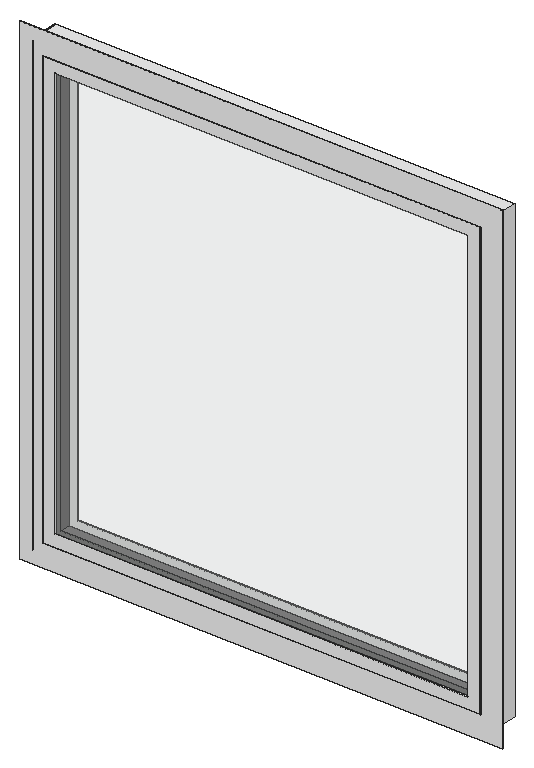
Revit family "Casement_36_F_Top_Hung_Standard", category Windows, host Wall, Revit 2014
Parameters (values of type "Casement_Sash_DG")
  Width Sash [instance] = 30 mm
  Width Sash Inner = 15 mm
  Width Bead = 15 mm
  Top Hung [instance] = yes
  Side Hung Right [instance] = yes
  Side Hung Left [instance] = yes
  Sash Opening Width [instance] = 600 mm
  Sash Opening Height [instance] = 600.312 mm
  Sash Lip = 15 mm
  Glazing Material [instance] = Glass
  DG Start Piece 2 [instance] = DG End Piece 1 + DG Gasket Thickness  # 25 mm
  DG Start Peice 1 [instance] = (Depth Sash - (2 * DG Glazing Thickness) - DG Gasket Thickness) / 2  # 6.6 mm
  Glazing Offset = 5 mm
  DG Glazing Thickness [instance] = 6.4 mm
  DG Gasket Thickness = 12 mm  # constant formula
  DG Gasket Material [instance] = Double Glazing Gasket Material
  DG End Piece 2 [instance] = DG Start Piece 2 + DG Glazing Thickness  # 31.4 mm
  DG End Piece 1 [instance] = DG Start Peice 1 + DG Glazing Thickness  # 13 mm
  Depth Sash [instance] = 38 mm
  Center Vertical Sash [instance] = Sash Opening Height / 2  # 300.156 mm
  Center Horizontal Sash [instance] = Sash Opening Width / 2  # 300 mm
  Bottom Hung [instance] = yes
  Bead Offset = 15 mm
  Aluminium Thickness = 1 mm
  Aluminium Material [instance] = White Powder Coated Aluminium
Reference planes
  plane 1 "Center (Front/Back)": y = 0
  plane 2: z = 0
  plane 3 "Center (Left/Right)": x = 0
Forms (mm)
  Sweep 1, solid, material "White Powder Coated Aluminium" <- "Aluminium Material"
    path origin (16.177, 0, 121.331) x (1, 0, 0) y (0, 0, 1)
      loop
        line (0, 0) -> (600, 0) -> (600, 600.312) -> (0, 600.312) -> (0, 0)
    profile origin (316.177, 0, 121.331) x (0, 0, 1) y (0, -1, 0)
      loop
        line (0, 0) -> (30, 0) -> (30, 1) -> (15, 1) -> (15, 38) -> (-15, 38) -> (-15, 37) -> (0, 37) -> (0, 0)
      loop
        line (14, 1) -> (14, 37) -> (1, 37) -> (1, 1) -> (14, 1)
  Sweep 2, solid, material "White Powder Coated Aluminium" <- "Aluminium Material"
    path origin (0, 0, 0) x (1, 0, 0) y (0, 0, 1)
      loop
        line (31.177, 706.643) -> (31.177, 136.331) -> (601.177, 136.331) -> (601.177, 706.643) -> (31.177, 706.643)
    profile origin (316.177, 0, 706.643) x (0, 0, 1) y (0, -1, 0)
      loop
        line (0, 37) -> (0, 38) -> (-15, 38) -> (-15, 37) -> (0, 37)
  Extrusion 3, solid, material "Glass" <- "Glazing Material"
    sketch origin (0, 0, 0) x (1, 0, 0) y (0, 0, 1)
      loop
        line (36.177, 701.643) -> (36.177, 141.331) -> (596.177, 141.331) -> (596.177, 701.643) -> (36.177, 701.643)
    from 6.6 <- "DG Start Peice 1" to 13 <- "DG End Piece 1"
  Extrusion 4, solid, material "Glass" <- "Glazing Material"
    sketch origin (0, 0, 0) x (1, 0, 0) y (0, 0, 1)
      loop
        line (36.177, 701.643) -> (36.177, 141.331) -> (596.177, 141.331) -> (596.177, 701.643) -> (36.177, 701.643)
    from 31.4 <- "DG End Piece 2" to 25 <- "DG Start Piece 2"
  Sweep 5, solid, material "Double Glazing Gasket Material" <- "DG Gasket Material"
    path origin (0, -13, 0) x (1, 0, 0) y (0, 0, 1)
      loop
        line (36.177, 701.643) -> (36.177, 141.331) -> (596.177, 141.331) -> (596.177, 701.643) -> (36.177, 701.643)
    profile origin (316.177, -13, 701.643) x (0, 0, 1) y (0, -1, 0)
      loop
        line (0, 0) -> (0, 12) -> (-7.96, 12) -> (-7.96, 0) -> (0, 0)
Lines and regions (mm)
  model lines
    curve 1: line (1.177, -38, 736.643) -> (31.177, -38, 706.643)
    curve 2: line (601.177, -38, 706.643) -> (631.177, -38, 736.643)
    curve 3: line (601.177, -38, 136.331) -> (631.177, -38, 106.331)
    curve 4: line (1.177, -38, 106.331) -> (31.177, -38, 136.331)
    curve 5: line (631.177, -37, 736.643) -> (616.177, -37, 721.643)
    curve 6: line (1.177, -37, 736.643) -> (16.177, -37, 721.643)
    curve 7: line (1.177, -37, 106.331) -> (16.177, -37, 121.331)
    curve 8: line (631.177, -37, 106.331) -> (616.177, -37, 121.331)
    curve 9: line (616.177, 0, 121.331) -> (586.177, 0, 151.331)
    curve 10: line (46.177, 0, 151.331) -> (16.177, 0, 121.331)
    curve 11: line (616.177, 0, 721.643) -> (586.177, 0, 691.643)
    curve 12: line (46.177, 0, 691.643) -> (16.177, 0, 721.643)
    curve 13: line (31.177, -38, 691.643) -> (46.177, -38, 691.643)
    curve 14: line (586.177, -38, 691.643) -> (601.177, -38, 691.643)
    curve 15: line (586.177, -38, 151.331) -> (601.177, -38, 151.331)
    curve 16: line (31.177, -38, 151.331) -> (46.177, -38, 151.331)
  model lines, style "GenericModelHiddenLines", visible <- "Top Hung"
    curve 17: line (46.386, -31.4, 690.914) -> (316.177, -31.4, 151.331)
    curve 18: line (316.177, -31.4, 151.331) -> (586.177, -31.4, 691.331)
  model lines, style "GenericModelHiddenLines", visible <- "Bottom Hung"
    curve 19: line (46.177, -31.4, 151.331) -> (316.177, -31.4, 691.331)
    curve 20: line (316.177, -31.4, 691.331) -> (586.177, -31.4, 151.331)
  model lines, style "GenericModelHiddenLines", visible <- "Side Hung Left"
    curve 21: line (46.386, -31.4, 690.914) -> (585.24, -31.4, 421.487)
    curve 22: line (585.24, -31.4, 421.487) -> (46.177, -31.4, 151.331)
  model lines, style "GenericModelHiddenLines", visible <- "Side Hung Right"
    curve 23: line (586.177, -31.4, 691.331) -> (46.177, -31.4, 421.487)
    curve 24: line (46.177, -31.4, 421.487) -> (586.177, -31.4, 151.331)
Dimensions and locks
  "Aluminium Thickness": Sweep 1 sketch curve to Sweep 1 sketch curve  (x4)
  "Depth Sash": Sweep 1 sketch curve to Sweep 1 sketch curve
  "Sash Opening Width": Sweep 1 to Sweep 1
  "Sash Opening Height": Sweep 1 to Sweep 1
  "Width Sash": Sweep 1 sketch curve to Sweep 1 sketch curve  (x2)
  "Width Sash Inner": Sweep 1 sketch curve to Sweep 1 sketch curve
  "Sash Lip": Sweep 1 sketch curve to Sweep 1 sketch curve
  "Aluminium Thickness": Sweep 1 to Sweep 2 sketch curve
  "Glazing Offset": Sweep 2 to Extrusion 3 sketch curve  (x3)
  "Glazing Offset": Extrusion 3 sketch curve to Sweep 2
  Sweep 1 to Sweep 1 = 1 mm
  "Aluminium Thickness": Sweep 2 sketch curve to Sweep 2 sketch curve
  "Width Bead": Sweep 2 sketch curve to Sweep 2 sketch curve
  locked: Sweep 5 sketch curve to Sweep 5 sketch curve at 7.96
  "Center Horizontal Sash": Sweep 1 to curve 18
  "Center Horizontal Sash": Sweep 1 to curve 20
  "Center Vertical Sash": Sweep 1 to curve 22
  "Center Vertical Sash": Sweep 1 to curve 24
  aligned and locked: level to plane 2
  aligned and locked: Sweep 1 sketch curve to Sweep 1 sketch curve  (x2)
  aligned and locked: Sweep 2 sketch curve to Sweep 1  (x5)
  aligned and locked: Extrusion 4 sketch curve to Extrusion 3  (x4)
  aligned and locked: Sweep 5 sketch curve to Extrusion 3  (x5)
  aligned and locked: Extrusion 3 to Sweep 5 sketch curve
Automatic sketch dimensions
  plane 3 "Center (Left/Right)" to Sweep 1 sketch curve = 16.177 mm
  level to Sweep 1 sketch curve = 121.331 mm
  plane 3 "Center (Left/Right)" to Sweep 1 sketch curve = 616.177 mm
  level to Sweep 1 sketch curve = 721.643 mm
  profile plane to Sweep 5 sketch curve = 12 mm
  curve 7 to Sweep 1 = 0 mm  (x4)
  curve 6 to Sweep 1 = 0 mm  (x3)
  Sweep 1 to curve 6 = 0 mm
  curve 5 to Sweep 1 = 0 mm  (x3)
  curve 8 to Sweep 1 = 0 mm  (x4)
  Sweep 1 to curve 5 = 0 mm
  curve 16 to Sweep 2 = 0 mm  (x3)
  curve 13 to Sweep 2 = 0 mm  (x3)
  curve 15 to Sweep 2 = 0 mm
  Sweep 2 to curve 15 = 0 mm  (x2)
  curve 14 to Sweep 2 = 0 mm  (x2)
  Sweep 2 to curve 14 = 0 mm
  curve 1 to Sweep 1 = 0 mm  (x4)
  curve 4 to Sweep 1 = 0 mm  (x3)
  Sweep 1 to curve 4 = 0 mm
  curve 3 to Sweep 1 = 0 mm  (x3)
  curve 2 to Sweep 1 = 0 mm  (x4)
  Sweep 1 to curve 3 = 0 mm
  curve 10 to Sweep 1 = 0 mm  (x4)
  curve 12 to Sweep 1 = 0 mm  (x3)
  Sweep 1 to curve 12 = 0 mm
  curve 9 to Sweep 1 = 0 mm  (x4)
  curve 11 to Sweep 1 = 0 mm  (x3)
  Sweep 1 to curve 11 = 0 mm
  Sweep 1 sketch curve to plane 1 "Center (Front/Back)" = 0 mm
  profile plane to Sweep 1 sketch curve = 0 mm
  curve 21 to Extrusion 4 = 10.208 mm
  curve 19 to Extrusion 4 = 10 mm
  curve 23 to Extrusion 4 = 10 mm  (x2)
  curve 22 to Extrusion 4 = 10.937 mm
  curve 20 to Extrusion 4 = 10 mm
  curve 24 to Extrusion 4 = 10 mm
  curve 22 to Extrusion 4 = 10 mm
  curve 18 to Extrusion 4 = 10 mm
  curve 21 to Extrusion 4 = 10.729 mm
  curve 19 to Extrusion 4 = 10.312 mm
  curve 18 to Extrusion 4 = 10.312 mm
Types in the file's own list only (6): name | Windload Design | Width Sash Right Opening | Width Sash Left Opening | Width Sash Right | Width Sash Left | Width Profile | Width Fixed Panel Right | Width Fixed Panel Left | Width Fixed Panel Center | Width | URL | Offset Window Exterior | Max System DG Unit Thickness | Max System DG One Piece Thickness | Max Pane Area | Intruderprufe U Value | Intruderprufe SHGC Value | Intruderprufe LowE U Value | Intruderprufe LowE SHGC Value | Intruderprufe Insulated U Value | Intruderprufe Insulated SHGC Value | Intruderprufe Insulated LowE U Value | Intruderprufe Insulated LowE SHGC Value | Height Fixed Panel Right | Height Fixed Panel Left | Height | Energy Advantage U Value | Energy Advantage SHGC Value | DG Thickness Calc | Custom Window Width | Custom Window Height | Window Exterior Offset | Custom Windload | Custom Sash Right Width | Custom Sash Right Height | Custom Sash Left Width | Custom Sash Left Height | Sash Spacing Inner | Sash Overlap | Sash Center Offset | SG Gasket Thickness | Offset Sash Side | Offset Sash Top | Offset Mullion Right | Offset Fixed Panel Center Left | Offset Mullion Left | Offset Transom Right Top | Offset Transom Left Top | Offset Bead Center Reversed | Model | Manufacturer | Limit Window Width Min | Limit Window Width Max | Limit Window Height Min | Limit Window Height Max | Limit Sash Width Min | Limit Sash Width Max | Limit Sash Height Min | Limit Sash Height Max | Limit Fixed Pane Width Min | Limit Fixed Pane Width Max | Limit Fixed Pane Height Min | Limit Fixed Pane Height Max | Length Transom Right | Length Transom Left | Length Mullion | Height Sash Right Opening | Height Sash Right | Height Sash Left Opening | Height Sash Left | Height Fixed Panel Center | Description | Depth Mullion | Frame Center Offset | Depth Bead | Default Sill Height | Wall Closure | DG Gasket Finish | DG Extrusion Start | Mullion Depth Windload Based | Clearvue U Value | Clearvue SHGC Value | Clearvue Insulated U Value | Clearvue Insulated SHGC Value | Clearvue Insulated LowE U Value | Clearvue Insulated LowE SHGC Value | Casement Dimension | Bottom Hung | Bead SG Gap | Area Pane Right Top | Area Pane Right Bottom | Area Pane Middle | Area Pane Left Top | Area Pane Left Bottom
  36-1809TT-1000Pa | 1000 mm | 554 mm | 554 mm | 524 mm | 524 mm | 30 mm | 540 mm | 540 mm | 590 mm | 1790 mm | "http://www.crealco.co.za/crealco-products.php" | 18 mm | 25 mm | 6 mm | 0.48 m² | 6.89 | 0.618 | 5.39 | 0.547 | 4.67 | 0.521 | 4.17 | 0.479 | 260 mm | 260 mm | 890 mm | 5.53 | 0.581 | 4 mm | 1790 mm | 890 mm | 0 mm | 1000 mm | 554 mm | 554 mm | 554 mm | 554 mm | 8 mm | 7 mm | 15 mm | 6 mm | 23 mm | 23 mm | 570 mm | 600 mm | 570 mm | 570 mm | 570 mm | 18 mm | "Casement 36" | "Crealco" | 1400 mm | 2700 mm | 830 mm | 1860 mm | 300 mm | 1200 mm | 300 mm | 900 mm | 200 mm | 1500 mm | 200 mm | 1800 mm | 540 mm | 540 mm | 890 mm | 554 mm | 524 mm | 554 mm | 524 mm | 830 mm | "Window 36mm, Type F top hung" | 37 mm | 18 mm | 22 mm | 800 mm | By host | Double Glazing Gasket Material | 8 mm | 37 mm | 7.05 | 0.648 | 4.81 | 0.572 | 4.27 | 0.521 | 36 mm | No | 13 mm | 0.23 m² | 0.13 m² | 0.48 m² | 0.23 m² | 0.13 m²
  36-2409TT-1000Pa | 1000 mm | 554 mm | 554 mm | 524 mm | 524 mm | 30 mm | 540 mm | 540 mm | 1190 mm | 2390 mm | "http://www.crealco.co.za/crealco-products.php" | 18 mm | 25 mm | 6 mm | 0.97 m² | 7.27 | 0.711 | 5.52 | 0.628 | 4.69 | 0.602 | 4.09 | 0.551 | 260 mm | 260 mm | 890 mm | 5.66 | 0.669 | 4 mm | 2390 mm | 890 mm | 0 mm | 1000 mm | 554 mm | 554 mm | 554 mm | 554 mm | 8 mm | 7 mm | 15 mm | 6 mm | 23 mm | 23 mm | 570 mm | 600 mm | 570 mm | 570 mm | 570 mm | 18 mm | "Casement 36" | "Crealco" | 1400 mm | 2700 mm | 830 mm | 1860 mm | 300 mm | 1200 mm | 300 mm | 900 mm | 200 mm | 1500 mm | 200 mm | 1800 mm | 540 mm | 540 mm | 890 mm | 554 mm | 524 mm | 554 mm | 524 mm | 830 mm | "Window 36mm, Type F top hung" | 37 mm | 18 mm | 22 mm | 800 mm | By host | Double Glazing Gasket Material | 8 mm | 37 mm | 7.44 | 0.747 | 4.82 | 0.658 | 4.18 | 0.6 | 36 mm | No | 13 mm | 0.23 m² | 0.13 m² | 0.97 m² | 0.23 m² | 0.13 m²
  36-1809TT-1500Pa | 1500 mm | 554 mm | 554 mm | 524 mm | 524 mm | 30 mm | 540 mm | 540 mm | 590 mm | 1790 mm | "http://www.crealco.co.za/crealco-products.php" | 18 mm | 25 mm | 6 mm | 0.48 m² | 6.89 | 0.618 | 5.39 | 0.547 | 4.67 | 0.521 | 4.17 | 0.479 | 260 mm | 260 mm | 890 mm | 5.53 | 0.581 | 4 mm | 1790 mm | 890 mm | 0 mm | 1500 mm | 554 mm | 554 mm | 554 mm | 554 mm | 8 mm | 7 mm | 15 mm | 6 mm | 23 mm | 23 mm | 570 mm | 600 mm | 570 mm | 570 mm | 570 mm | 18 mm | "Casement 36" | "Crealco" | 1400 mm | 2700 mm | 830 mm | 1860 mm | 300 mm | 1200 mm | 300 mm | 900 mm | 200 mm | 1500 mm | 200 mm | 1800 mm | 540 mm | 540 mm | 890 mm | 554 mm | 524 mm | 554 mm | 524 mm | 830 mm | "Window 36mm, Type F top hung" | 37 mm | 18 mm | 22 mm | 800 mm | By host | Double Glazing Gasket Material | 8 mm | 37 mm | 7.05 | 0.648 | 4.81 | 0.572 | 4.27 | 0.521 | 36 mm | No | 13 mm | 0.23 m² | 0.13 m² | 0.48 m² | 0.23 m² | 0.13 m²
  36-1809TT-2000Pa | 2000 mm | 554 mm | 554 mm | 524 mm | 524 mm | 30 mm | 540 mm | 540 mm | 590 mm | 1790 mm | "http://www.crealco.co.za/crealco-products.php" | 18 mm | 25 mm | 6 mm | 0.48 m² | 6.89 | 0.618 | 5.39 | 0.547 | 4.67 | 0.521 | 4.17 | 0.479 | 260 mm | 260 mm | 890 mm | 5.53 | 0.581 | 4 mm | 1790 mm | 890 mm | 0 mm | 2000 mm | 554 mm | 554 mm | 554 mm | 554 mm | 8 mm | 7 mm | 15 mm | 6 mm | 23 mm | 23 mm | 570 mm | 600 mm | 570 mm | 570 mm | 570 mm | 18 mm | "Casement 36" | "Crealco" | 1400 mm | 2700 mm | 830 mm | 1860 mm | 300 mm | 1200 mm | 300 mm | 900 mm | 200 mm | 1500 mm | 200 mm | 1800 mm | 540 mm | 540 mm | 890 mm | 554 mm | 524 mm | 554 mm | 524 mm | 830 mm | "Window 36mm, Type F top hung" | 37 mm | 18 mm | 22 mm | 800 mm | By host | Double Glazing Gasket Material | 8 mm | 37 mm | 7.05 | 0.648 | 4.81 | 0.572 | 4.27 | 0.521 | 36 mm | No | 13 mm | 0.23 m² | 0.13 m² | 0.48 m² | 0.23 m² | 0.13 m²
  36-2409TT-1500Pa | 1500 mm | 554 mm | 554 mm | 524 mm | 524 mm | 30 mm | 540 mm | 540 mm | 1190 mm | 2390 mm | "http://www.crealco.co.za/crealco-products.php" | 18 mm | 25 mm | 6 mm | 0.97 m² | 7.27 | 0.711 | 5.52 | 0.628 | 4.69 | 0.602 | 4.09 | 0.551 | 260 mm | 260 mm | 890 mm | 5.66 | 0.669 | 4 mm | 2390 mm | 890 mm | 0 mm | 1500 mm | 554 mm | 554 mm | 554 mm | 554 mm | 8 mm | 7 mm | 15 mm | 6 mm | 23 mm | 23 mm | 570 mm | 600 mm | 570 mm | 570 mm | 570 mm | 18 mm | "Casement 36" | "Crealco" | 1400 mm | 2700 mm | 830 mm | 1860 mm | 300 mm | 1200 mm | 300 mm | 900 mm | 200 mm | 1500 mm | 200 mm | 1800 mm | 540 mm | 540 mm | 890 mm | 554 mm | 524 mm | 554 mm | 524 mm | 830 mm | "Window 36mm, Type F top hung" | 37 mm | 18 mm | 22 mm | 800 mm | By host | Double Glazing Gasket Material | 8 mm | 37 mm | 7.44 | 0.747 | 4.82 | 0.658 | 4.18 | 0.6 | 36 mm | No | 13 mm | 0.23 m² | 0.13 m² | 0.97 m² | 0.23 m² | 0.13 m²
  36-2409TT-2000Pa | 2000 mm | 554 mm | 554 mm | 524 mm | 524 mm | 30 mm | 540 mm | 540 mm | 1190 mm | 2390 mm | "http://www.crealco.co.za/crealco-products.php" | 18 mm | 25 mm | 6 mm | 0.97 m² | 7.27 | 0.711 | 5.52 | 0.628 | 4.69 | 0.602 | 4.09 | 0.551 | 260 mm | 260 mm | 890 mm | 5.66 | 0.669 | 4 mm | 2390 mm | 890 mm | 0 mm | 2000 mm | 554 mm | 554 mm | 554 mm | 554 mm | 8 mm | 7 mm | 15 mm | 6 mm | 23 mm | 23 mm | 570 mm | 600 mm | 570 mm | 570 mm | 570 mm | 18 mm | "Casement 36" | "Crealco" | 1400 mm | 2700 mm | 830 mm | 1860 mm | 300 mm | 1200 mm | 300 mm | 900 mm | 200 mm | 1500 mm | 200 mm | 1800 mm | 540 mm | 540 mm | 890 mm | 554 mm | 524 mm | 554 mm | 524 mm | 830 mm | "Window 36mm, Type F top hung" | 37 mm | 18 mm | 22 mm | 800 mm | By host | Double Glazing Gasket Material | 8 mm | 37 mm | 7.44 | 0.747 | 4.82 | 0.658 | 4.18 | 0.6 | 36 mm | No | 13 mm | 0.23 m² | 0.13 m² | 0.97 m² | 0.23 m² | 0.13 m²
